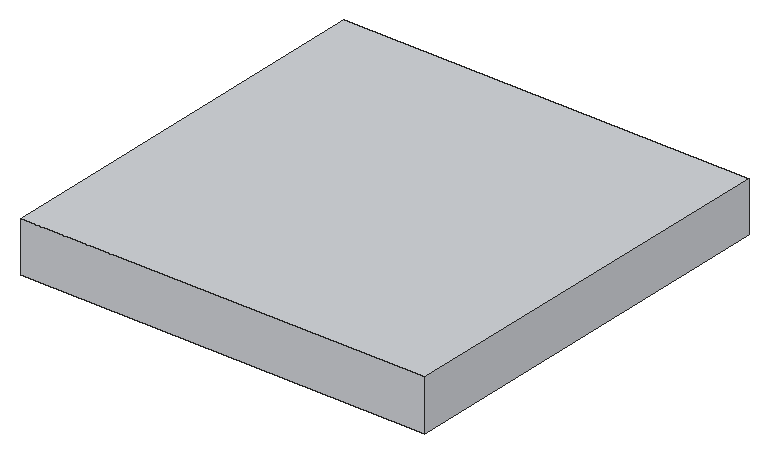
Revit family "H3005-TR035-EB", category Aparatos sanitarios, Revit 2021
Family settings
  Anfitrión = Cara
  Cota de conector redondo = Diámetro de uso
  Tipo de pieza = Normal
  Número OmniClass = 23.45.05.14.17
  Título OmniClass = Showers
  Corte con vacíos al cargar = No
  Compartido = Sí
  Punto de cálculo de habitación = Sí
Parameters (values of type "H3005-TR035-EB")
  URL = "https://www.helvex.com.mx//productos/modelo/regadera-de-chorro-fijo-premier-h3005-tr035-ebcr"
  Total Diameter = 9.60"
  Presión mínima de trabajo = 14.22 psi
  Presión máxima de trabajo = 85.34 psi
  Material EC = Ébano - Cromo
  Imagen de tipo = H3005-TR035-EB.jpg
  Conexión = "½\"-14 NPSM"
  Type Comments = "Regadera de media y alta presión\r\n3 Chorros.\r\n3 Chorros."
  Total Length = 22.20"
  Modelo = "H3005-TR035"
  Material = Ébano
  Fabricante = "HELVEX S.A. DE C.V."
  Description = "Regadera de media y alta presión\r\n3 Chorros.\r\n3 Chorros."
  Elevación por defecto = 0.50"
Types (3): name | URL | Material EC | Type Comments | Modelo | Material | Description
  (no name) | "https://www.helvex.com.mx//productos/modelo/regadera-de-chorro-fijo-premier-h3005-tr035-ebcr" | Ébano - Cromo | "Regadera de media y alta presión\r\n3 Chorros.\r\n3 Chorros." | "H3005-TR035" | Ébano | "Regadera de media y alta presión\r\n3 Chorros.\r\n3 Chorros."
  H3005-TR035 | 0.00" | none | "Regadera redonda de plato ancho, multichorro 10\"\r\n3 Chorros.\r\n3 Chorros." | "H3005-TR035-EB" | 192_192_192 | "Regadera redonda de plato ancho, multichorro 10\"\r\n3 Chorros.\r\n3 Chorros."
  H3005-TR035-EB | "https://www.helvex.com.mx//productos/modelo/regadera-de-chorro-fijo-premier-h3005-tr035-ebcr" | Ébano - Cromo | "Regadera de media y alta presión\r\n3 Chorros.\r\n3 Chorros." | "H3005-TR035" | Ébano | "Regadera de media y alta presión\r\n3 Chorros.\r\n3 Chorros."
Reference planes (in)
  plane 1 "Center (Front/Back)": y = 0
  plane 2: z = 0
  plane 3 "Center (Left/Right)": x = 0
Forms (in)
  Extrusion 1, solid
    sketch origin (0, 0, 0) x (1, 0, 0) y (0, 1, 0)
      loop
        line (-48, 48) -> (-48, -48) -> (48, -48) -> (48, 48) -> (-48, 48)
    from 0 to -12
Dimensions and locks (in)
  aligned and locked: plane 2 to Extrusion 1
  aligned and locked: level to Extrusion 1
Connectors (in)
  piping at (0, 0, -0.24629), diameter 0.5
    settings: on import instance, index 1, connector inside diameter 609.6 mm, connector length 0.00", flow factor 0, pipe flow 0.0 L/s, pressure drop 0.0 psi, fitting loss kfactor 0, connector angle 0.00°, fixture units 0, engagement length 0.00", angle of deflection 0.00°, flow configuration 0, flow direction 0, fitting loss method 0, system type 7, joint type 0, gender type 0, connector reference index -1, connector utility 0, adjustable connector no, is connector primary yes, connector description ""
